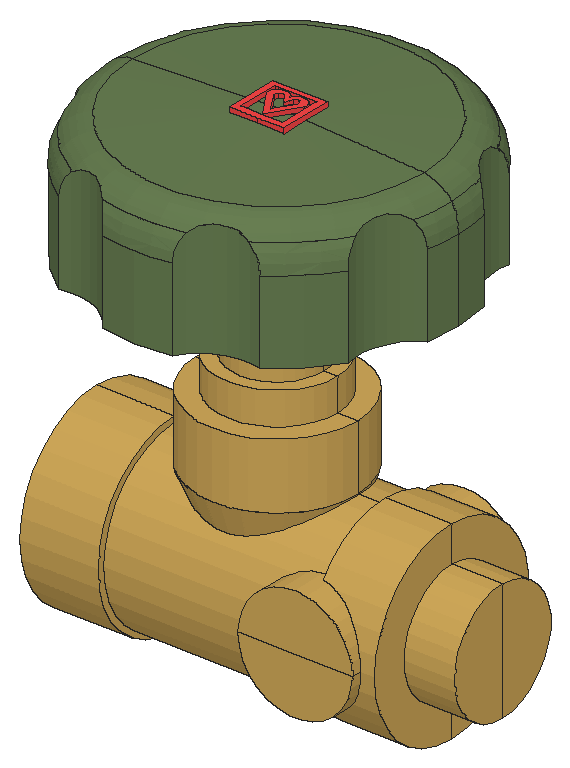
Revit family "Herz Strömax 4215 W IG-AG", category Rohrzubehör, Revit 2019
Family settings
  Bemaßung runder Anschluss = Durchmesser verwenden
  Teiletyp = Unterbricht
  OmniClass-Nummer = 23.65.55.14
  OmniClass-Titel = Valves for Liquid Services
  Arbeitsebenenbasiert = Nein
  Immer vertikal = Ja
  Beim Laden mit Abzugskörper schneiden = Nein
  Gemeinsam genutzt = Nein
Parameters
  URL = "www.herzvalves.com"
  T01 = 17.5 mm  # constant formula
  SC_NennweiteBerechnet = 0
  SC_Dimension = ""
  SCTWSEQ = "FW;SBT_TYP_FW=\"106\";2"
  SCTWCODE = "04;01;02"  # constant formula
  S03 = 60 mm  # constant formula
  S02 [instance] = H01 + H02 + H03  # 46 mm
  S01 [instance] = R01 * 2  # 32 mm
  R09 [instance] = Nennweite Aus / 2  # 10 mm
  R08 [instance] = size_lookup("4215W_", "R8", 9.5 mm, Nennweite)  # 9.5 mm
  R07 = 3 mm  # constant formula
  R06 [instance] = size_lookup("4215W_", "R6", 7.8 mm, Nennweite)  # 7.8 mm
  R05 [instance] = size_lookup("4215W_", "R5", 10.1 mm, Nennweite)  # 10.1 mm
  R04 [instance] = size_lookup("4215W_", "R4", 13.5 mm, Nennweite)  # 13.5 mm
  R03 = 15 mm  # constant formula
  R02 [instance] = Nennweite / 2  # 7.5 mm
  R01 = 16 mm  # constant formula
  Part number = 2412561  # constant formula
  Note = "Pursuant to Article 33 of the REACH Regulation (EC No. 1907/2006), we are obliged to point out that the material lead is listed on the SVHC list and that all brass components manufactured in our products exceed 0.1% (w / w) lead (CAS: 7439-92-1 / EINECS: 231-100-4).\r\nSince lead is a component part of an alloy, actual exposure is not possible and therefore no additional information on safe use is necessary."
  Nennweite Aus [instance] = 20 mm  # constant formula
  Nennweite [instance] = 15 mm  # constant formula
  Min. flow at Dp 10 kPa [instance] = if(Nennweite = 15 mm, 0.2, if(Nennweite = 20 mm, 0.4, if(Nennweite = 25 mm, 0.7, if(Nennweite = 32 mm, 1.2, if(Nennweite = 40 mm, 1.6, if(Nennweite = 50 mm, 2.7, 0))))))  # 0.2
  Medium = "Water"  # constant formula
  Max. operating temperature = 90 °C  # constant formula
  Max. operating pressure = 1000000.0 Pa  # constant formula
  Max. differential pressure on closed seat = 1000000.0 Pa  # constant formula
  L06 = 18 mm  # constant formula
  L05 = 8.5 mm  # constant formula
  L04 = 37.5 mm  # constant formula
  L03 = 17 mm  # constant formula
  L02 = 12 mm  # constant formula
  L01 = 13 mm  # constant formula
  L00 = 30 mm  # constant formula
  Hersteller = "HERZ Armaturen Ges.m.b.H"  # constant formula
  Hand wheel = "plastic, green"  # constant formula
  H04 = 21 mm  # constant formula
  H03 = 14.6 mm  # constant formula
  H02 = 5.4 mm  # constant formula
  H01 = 26 mm  # constant formula
  H00 [instance] = H01 + H02 + H03  # 46 mm
  O-Rings = "EPDM"  # constant formula
  Body = "DZR brass acc. to EN1982"  # constant formula
  Application = "For shutting off drinking water pipes and systems in buildings."
Reference planes
  plane 1 "Mitte (Vorne/hinten)": y = 0
  plane 2: z = 0
  plane 3 "Mitte (Links/rechts)": x = 0
Forms (mm)
  Revolve 1, solid, material "Messing, weicher Gelbton, geschweißt", detail levels fine
    sketch origin (470, 0, 0) x (1, 0, 0) y (0, 0, 1)
      loop
        line (-500, 7.5) -> (-488, 7.5) -> (-488, 0) -> (-432.5, 0) -> (-432.5, 10) -> (-441, 10) -> (-441, 16) -> (-452, 16) -> (-452, 15) -> (-487, 15) -> (-487, 16) -> (-500, 16) -> (-500, 7.5)
      axis (-500, 0) -> (-432.5, 0)
    angle from 0 to 360
  Revolve 2, solid, material "Messing, weicher Gelbton, geschweißt", detail levels fine
    sketch origin (0, 0, 0) x (1, 0, 0) y (0, 0, 1)
      loop
        line (0, 0) -> (0, 46) -> (-7.8, 46) -> (-7.8, 31.4) -> (-10.1, 31.4) -> (-10.1, 26) -> (-13.5, 26) -> (-13.5, 15) -> (-7.5, 0) -> (0, 0)
      axis (0, 46) -> (0, 0)
    angle from 0 to 360
  Revolve 3, solid, material "Messing, weicher Gelbton, geschweißt", detail levels fine
    sketch origin (0, 0, 0) x (1, 0, 0) y (0, 1, 0)
      loop
        line (17, -17.5) -> (26.5, -17.5) -> (26.5, -7.5) -> (20, -7.5) -> (20, 7.5) -> (26.5, 7.5) -> (26.5, 17.5) -> (17, 17.5) -> (17, -17.5)
      axis (17, 17.5) -> (17, -17.5)
    angle from 0 to 360
Lines and regions (mm)
  model lines, detail levels coarse+medium
    curve 1: line (-30, 0, 16) -> (-30, 0, -16)
    curve 2: line (-30, 0, -16) -> (37.5, 0, 16)
    curve 3: line (37.5, 0, 16) -> (37.5, 0, -16)
    curve 4: line (37.5, 0, -16) -> (-30, 0, 16)
    curve 5: line (3.75, 0, 0) -> (3.75, 0, 46)
    curve 6: line (-26.25, 0, 46) -> (33.75, 0, 46)
    curve 7: line (-30, -16, 0) -> (-30, 16, 0)
    curve 8: line (-30, 16, 0) -> (37.5, -16, 0)
    curve 9: line (37.5, -16, 0) -> (37.5, 16, 0)
    curve 10: line (37.5, 16, 0) -> (-30, -16, 0)
    curve 11: line (3.75, 0, 0) -> (3.75, 46, 0)
    curve 12: line (-26.25, 46, 0) -> (33.75, 46, 0)
Dimensions and locks
  "R01": Revolve 1 sketch curve to Revolve 1 sketch curve  (x2)
  "R02": Revolve 1 sketch curve to Revolve 1 sketch curve
  "L01": Revolve 1 sketch curve to Revolve 1 sketch curve
  "L02": Revolve 1 sketch curve to Revolve 1 sketch curve
  "R03": Revolve 1 sketch curve to Revolve 1 sketch curve
  "R03": Revolve 2 sketch curve to Revolve 2 sketch curve
  "R02": Revolve 2 sketch curve to Revolve 2 sketch curve
  "R04": Revolve 2 sketch curve to Revolve 2 sketch curve
  "R05": Revolve 2 sketch curve to Revolve 2 sketch curve
  "R06": Revolve 2 sketch curve to Revolve 2 sketch curve
  "H01": Revolve 2 sketch curve to plane 2
  "T01": Revolve 3 sketch curve to plane 1 "Mitte (Vorne/hinten)" to Revolve 3 sketch curve
  "R02": Revolve 3 sketch curve to plane 1 "Mitte (Vorne/hinten)"
  "R02": plane 1 "Mitte (Vorne/hinten)" to Revolve 3 sketch curve
  "R07": Revolve 3 sketch curve to Revolve 3 sketch curve
  "R08": Revolve 3 sketch curve to Revolve 3 sketch curve
  "H02": Revolve 2 sketch curve to Revolve 2 sketch curve
  "H03": Revolve 2 sketch curve to Revolve 2 sketch curve
  "L00": plane 3 "Mitte (Links/rechts)" to Revolve 1 sketch curve
  "L04": Revolve 1 sketch curve to plane 3 "Mitte (Links/rechts)"
  "R09": Revolve 1 sketch curve to Revolve 1 sketch curve
  "L03": plane 3 "Mitte (Links/rechts)" to Revolve 3 sketch curve
  "L05": Revolve 1 sketch curve to Revolve 1 sketch curve
  "L06": Revolve 1 sketch curve to plane 3 "Mitte (Links/rechts)"
  "H00": nested 1 to plane 2
  "H04": nested 2 to Revolve 2
  equal spacing: curve 3, plane 2, curve 4
  "S01": curve 3 to curve 4
  equal spacing: curve 4, plane 2, curve 2
  "S01": curve 2 to curve 4
  "L00": curve 1 to plane 3 "Mitte (Links/rechts)"
  "L04": plane 3 "Mitte (Links/rechts)" to curve 3
  equal spacing: Revolve 1, curve 5, curve 3
  "S02": curve 5 to plane 2
  equal spacing: curve 6, curve 5, curve 6
  "S03": curve 6 to curve 6
  equal spacing: curve 10, plane 1 "Mitte (Vorne/hinten)", curve 8
  equal spacing: curve 9, plane 1 "Mitte (Vorne/hinten)", curve 10
  "S01": curve 8 to curve 7
  "S01": curve 10 to curve 9
  "L04": plane 3 "Mitte (Links/rechts)" to curve 9
  "L00": curve 7 to plane 3 "Mitte (Links/rechts)"
  equal spacing: curve 12, curve 11, curve 12
  equal spacing: curve 7, curve 11, curve 9
  "S03": curve 12 to curve 12
  "S02": plane 1 "Mitte (Vorne/hinten)" to curve 11
  aligned and locked: level to plane 2
Automatic sketch dimensions
  Revolve 1 sketch curve to level = 0 mm  (x2)
  Revolve 1 sketch curve to Revolve 1 sketch curve = 791.99 mm
  Revolve 1 sketch curve to Revolve 1 sketch curve = 2278.983 mm
  Revolve 2 sketch curve to level = 0 mm
  Revolve 2 sketch curve to plane 3 "Mitte (Links/rechts)" = 0 mm  (x2)
  Revolve 2 sketch curve to level = 366.045 mm
  Revolve 2 sketch curve to Revolve 2 sketch curve = 2165.278 mm
  Revolve 3 sketch curve to Revolve 3 sketch curve = 9.5 mm
  Revolve 3 sketch curve to Revolve 3 sketch curve = 0 mm
  Revolve 3 sketch curve to Revolve 3 sketch curve = 4.553 mm
  Revolve 3 sketch curve to Revolve 3 sketch curve = 3.768 mm
Nested families
  nested 1: "Strömax-Handrad (Grün)" at (0.258, 0, 46), type "Strömax-Handrad (Grün)", detail levels fine
    with Nennweite 0 mm, Gewicht 0.00 kg, Bestellnummer 0
  nested 2: "Herz-Logo" at (0.258, 0, 67), type "Herz-Logo", detail levels fine
Connectors
  piping at (-18, 0, 0), diameter 15, driven by "Nennweite"
    settings: on Revolve 1, index 1, connector inside diameter 609.6 mm, connector length 0 mm, flow factor 0, pipe flow 0.0 L/s, pressure drop 0.0 Pa, fitting loss kfactor 0, connector angle 0.00°, fixture units 0, engagement length 0 mm, angle of deflection 0.00°, flow configuration 0, flow direction 1, fitting loss method 0, system type 29, joint type 0, gender type 0, connector reference index -1, connector utility 0, adjustable connector no, is connector primary yes, connector description ""
  piping at (37.5, 0, 0), diameter 20, driven by "Nennweite Aus"
    settings: on Revolve 1, index 2, connector inside diameter 609.6 mm, connector length 0 mm, flow factor 0, pipe flow 0.0 L/s, pressure drop 0.0 Pa, fitting loss kfactor 0, connector angle 0.00°, fixture units 0, engagement length 0 mm, angle of deflection 0.00°, flow configuration 0, flow direction 2, fitting loss method 0, system type 29, joint type 0, gender type 0, connector reference index -1, connector utility 0, adjustable connector no, is connector primary no, connector description ""
Definition of nested family "Strömax-Handrad (Grün)"
  Parameters (values of type "Strömax-Handrad (Grün)")
    URL = "www.herz-armaturen.at"
    Nennweite [instance] = 0 mm
    Manufacturer = "Herz Armaturen GmbH"  # constant formula
    Gewicht [instance] = 0.00 kg
    Bestellnummer [instance] = 0
  Reference planes
    plane 1 "Mitte (Vorne/hinten)": y = 0
    plane 2: z = 0
    plane 3 "Mitte (Links/rechts)": x = 0
  Forms (mm)
    Revolve 1, solid
      sketch origin (0, 0, 0) x (1, 0, 0) y (0, 0, 1)
        loop
          line (0, 0) -> (0, 22)
          arc (0, 22) -> (-12.15, 21.705) -> (-24.271, 20.819) r 250
          arc (-24.271, 20.819) -> (-26.831, 19.959) -> (-28.754, 18.063) r 6
          arc (-28.754, 18.063) -> (-29.682, 16.008) -> (-30, 13.776) r 8
          line (-30, 13.776) -> (-30, 0) -> (0, 0)
        axis (0, 22) -> (0, 0)
      angle from 0 to 360
    Extrusion 2, void
      sketch origin (0, 0, 0) x (1, 0, 0) y (0, 1, 0)
        loop
          circle (14.351, -34.645) r 10
      from 0 to 22
    Extrusion 3, void
      sketch origin (0, 0, 0) x (-1, 0, 0) y (0, -1, 0)
        loop
          circle (14.351, 34.645) r 10
      from 0 to 22
    Extrusion 4, void
      sketch origin (0, 0, 0) x (0, -1, 0) y (1, 0, 0)
        loop
          circle (14.351, 34.645) r 10
      from 0 to 22
    Extrusion 5, void
      sketch origin (0, 0, 0) x (0, 1, 0) y (-1, 0, 0)
        loop
          circle (14.351, -34.645) r 10
      from 0 to 22
    Extrusion 6, void
      sketch origin (0, 0, 0) x (0, -1, 0) y (1, 0, 0)
        loop
          circle (14.351, -34.645) r 10
      from 0 to 22
    Extrusion 7, void
      sketch origin (0, 0, 0) x (0, 1, 0) y (-1, 0, 0)
        loop
          circle (14.351, 34.645) r 10
      from 0 to 22
    Extrusion 8, void
      sketch origin (0, 0, 0) x (1, 0, 0) y (0, 1, 0)
        loop
          circle (14.351, 34.645) r 10
      from 0 to 22
    Extrusion 9, void
      sketch origin (0, 0, 0) x (-1, 0, 0) y (0, -1, 0)
        loop
          circle (14.351, -34.645) r 10
      from 0 to 22
  Cuts and joins
    Extrusion 2, Extrusion 3, Extrusion 4, Extrusion 5, Extrusion 6, Extrusion 7, Extrusion 8, Extrusion 9 cuts Revolve 1
  Dimensions and locks
    aligned and locked: level to plane 2
Definition of nested family "Herz-Logo"
  Reference planes
    plane 1 "Mitte (Vorne/hinten)": y = 0
    plane 2: z = 0
    plane 3 "Mitte (Links/rechts)": x = 0
  Forms (mm)
    Extrusion 1, solid
      sketch origin (0, 0, 0) x (1, 0, 0) y (0, 1, 0)
        loop
          line (-0.018, -4.517) -> (4.482, -4.517) -> (4.482, 4.483) -> (-4.518, 4.483) -> (-4.518, -4.517) -> (-0.018, -4.517)
        loop
          line (-0.05, -3.48) -> (3.482, -3.48) -> (3.482, 3.483) -> (-3.518, 3.483) -> (-3.518, -3.48) -> (-0.05, -3.48)
        loop
          arc (-0.018, 2.383) -> (-1.543, 3.287) -> (-3.067, 2.383) r 1.738
          arc (-3.067, 2.383) -> (-3.191, 1.899) -> (-3.067, 1.415) r 1.009
          line (-3.067, 1.415) -> (-0.018, -3.281) -> (3.032, 1.415)
          arc (3.032, 1.415) -> (3.156, 1.899) -> (3.032, 2.383) r 1.009
          arc (3.032, 2.383) -> (1.507, 3.287) -> (-0.018, 2.383) r 1.738
        loop
          arc (1.885, 1.272) -> (2.005, 1.675) -> (1.885, 2.079) r 0.74
          arc (1.885, 2.079) -> (1.265, 2.416) -> (0.644, 2.079) r 0.74
          line (0.644, 2.079) -> (-0.018, 0.97) -> (-0.679, 2.079)
          arc (-0.679, 2.079) -> (-1.3, 2.416) -> (-1.921, 2.079) r 0.74
          arc (-1.921, 2.079) -> (-2.04, 1.675) -> (-1.921, 1.272) r 0.74
          line (-1.921, 1.272) -> (-0.018, -1.658) -> (1.885, 1.272)
      from 0 to 1.5
  Dimensions and locks
    aligned and locked: level to plane 2
